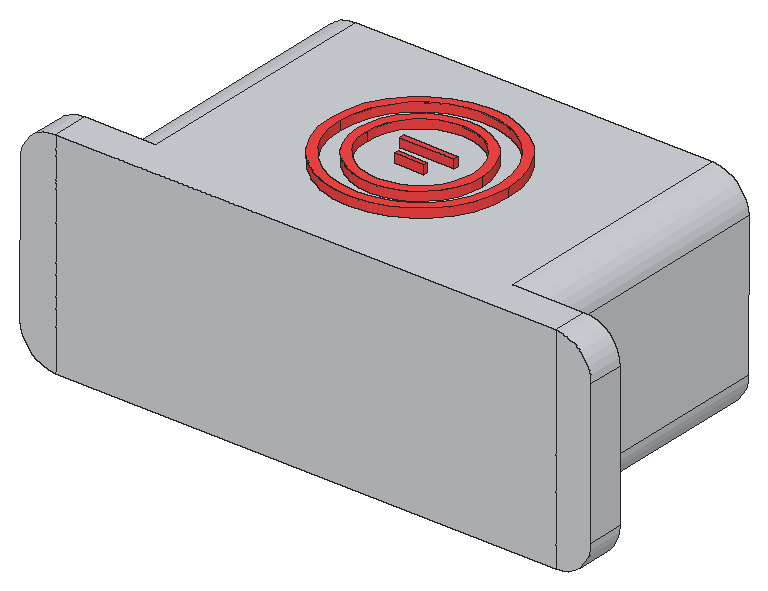
Revit family "C389", category Electrical Equipment, Revit 2025
Family settings
  Panel Configuration = Two Columns, Circuits Across
  Round Connector Dimension = Use Diameter
  Part Type = Panelboard
  Work Plane-Based = Yes
  Always vertical = Yes
  Cut with Voids When Loaded = No
  Maintain Annotation Orientation = No
  Shared = No
  Room Calculation Point = No
Parameters
  Type_Code = "PWR"
  Subsystem [instance] = ""
  Seq_Number [instance] = 0
  Segment [instance] = ""
  SIO_Block_Number [instance] = ""
  PDP [instance] = ""
  MCP [instance] = ""
  IO_Block_Number [instance] = ""
  Detail = "LRPE"
  Default Elevation = 4' - 0"
  Conveyor_Number [instance] = ""
  Conveyor_Elevation_In [instance] = 2' - 6"
  CLR_MOTOR_VOLTAGE [instance] = ""
  CKT [instance] = ""
Reference planes (in)
  plane 1 "Center (Front/Back)": y = 0
  plane 2: z = 0
  plane 3 "Center (Left/Right)": x = 0
  plane 4: y = 4
  plane 5: x = 8
  plane 6: y = -4
  plane 7: x = -8
  plane 8: z = 30
  plane 9: z = 24
  plane 10: z = 30.25
Forms (in)
  Extrusion 1, solid
    sketch origin (0, 0, 0) x (1, 0, 0) y (0, 1, 0)
      loop
        arc (-7, 4) -> (-7.70711, 3.70711) -> (-8, 3) r 1
        line (-8, 3) -> (-8, -3) -> (-8, -4) -> (-7, -4) -> (7, -4) -> (8, -4) -> (8, -3) -> (8, 3)
        arc (8, 3) -> (7.70711, 3.70711) -> (7, 4) r 1
        line (7, 4) -> (-7, 4)
    from 24 to 30
  Extrusion 2, solid, material "power supply"
    sketch origin (0, 0, 0) x (1, 0, 0) y (0, 1, 0)
      loop
        circle (0, 0) r 2.25
      loop
        circle (0, 0) r 2.5
      loop
        circle (0, 0) r 1.75
      loop
        circle (0, 0) r 1.5
      loop
        line (-0.75752, 0.375) -> (-0.75752, 0.25) -> (0.75752, 0.25) -> (0.75752, 0.375) -> (-0.75752, 0.375)
      loop
        line (-0.40386, -0.25) -> (-0.40386, -0.375) -> (0.40386, -0.375) -> (0.40386, -0.25) -> (-0.40386, -0.25)
    from 30 to 30.25
  Extrusion 3, void
    sketch origin (0, 0, 0) x (1, 0, 0) y (0, 0, 1)
      loop
        line (-8, 30) -> (-8, 24) -> (-5, 24)
        arc (-5, 24) -> (-5.70711, 24.29289) -> (-6, 25) r 1
        line (-6, 25) -> (-6, 29)
        arc (-6, 29) -> (-5.70711, 29.70711) -> (-5, 30) r 1
        line (-5, 30) -> (-8, 30)
      loop
        line (8, 30) -> (5, 30)
        arc (5, 30) -> (5.70711, 29.70711) -> (6, 29) r 1
        line (6, 29) -> (6, 25)
        arc (6, 25) -> (5.70711, 24.29289) -> (5, 24) r 1
        line (5, 24) -> (8, 24) -> (8, 30)
    from -5 to 3
  Extrusion 4, void
    sketch origin (0, 0, 0) x (1, 0, 0) y (0, 0, 1)
      loop
        arc (-8, 29) -> (-7.70711, 29.70711) -> (-7, 30) r 1
        line (-7, 30) -> (-8.75, 30) -> (-8.75, 24) -> (-7, 24)
        arc (-7, 24) -> (-7.70711, 24.29289) -> (-8, 25) r 1
        line (-8, 25) -> (-8, 29)
      loop
        arc (8, 25) -> (7.70711, 24.29289) -> (7, 24) r 1
        line (7, 24) -> (9.5, 24) -> (9.5, 30) -> (7, 30)
        arc (7, 30) -> (7.70711, 29.70711) -> (8, 29) r 1
        line (8, 29) -> (8, 25)
    from 0 to 4
Cuts and joins
  Extrusion 3, Extrusion 4 cuts Extrusion 1
Dimensions and locks (in)
  equal spacing: plane 7, plane 3 "Center (Left/Right)", plane 5
  plane 7 to plane 5 = 1' - 4"
  equal spacing: plane 4, plane 1 "Center (Front/Back)", plane 6
  plane 4 to plane 6 = 0' - 8"
  "Conveyor_Elevation_In": plane 8 to level
  equal spacing: Extrusion 2 sketch curve, plane 3 "Center (Left/Right)", Extrusion 2 sketch curve  (x2)
  locked: Extrusion 2 sketch curve to Extrusion 2 sketch curve at 0.125  (x2)
  plane 1 "Center (Front/Back)" to Extrusion 2 sketch curve = 0' - 0 1/4"
  Extrusion 2 sketch curve to plane 1 "Center (Front/Back)" = 0' - 0 1/4"
  locked: plane 8 to plane 9 at 6
  locked: plane 10 to plane 8 at 0.25
  locked: Extrusion 3 sketch curve to plane 7 at 2
  locked: plane 5 to Extrusion 3 sketch curve at 2
  aligned and locked: level to plane 2
  aligned and locked: Extrusion 1 sketch curve to plane 4
  aligned and locked: plane 7 to Extrusion 1 sketch curve
  aligned and locked: plane 6 to Extrusion 1 sketch curve
  aligned and locked: Extrusion 1 sketch curve to plane 5
  aligned and locked: plane 8 to Extrusion 1
  aligned and locked: Extrusion 2 to plane 8
  aligned and locked: Extrusion 1 to plane 9
  aligned and locked: plane 10 to Extrusion 2
Automatic sketch dimensions
  Extrusion 2 sketch curve to Extrusion 2 sketch curve = 0' - 0"  (x6)
  plane 1 "Center (Front/Back)" to Extrusion 2 sketch curve = 0' - 0"
  Extrusion 2 sketch curve to plane 3 "Center (Left/Right)" = 0' - 0"
  Extrusion 2 sketch curve to plane 3 "Center (Left/Right)" = 0' - 0.75752"
  Extrusion 2 sketch curve to plane 3 "Center (Left/Right)" = 0' - 0.40386"
  Extrusion 3 sketch curve to plane 7 = 0' - 0"
  Extrusion 3 sketch curve to plane 9 = 0' - 0"  (x2)
  Extrusion 3 sketch curve to plane 5 = 0' - 0"
  Extrusion 3 sketch curve to Extrusion 3 sketch curve = 0' - 1"  (x4)
  Extrusion 3 sketch curve to plane 8 = 0' - 0"  (x2)
  plane 7 to Extrusion 1 sketch curve = 0' - 1"  (x2)
  Extrusion 1 sketch curve to plane 4 = 0' - 1"
  Extrusion 1 sketch curve to plane 5 = 0' - 1"
  Extrusion 1 sketch curve to Extrusion 1 sketch curve = 0' - 1"  (x2)
  Extrusion 4 sketch curve to plane 8 = 0' - 0"  (x2)
  Extrusion 4 sketch curve to plane 7 = 0' - 0"
  Extrusion 4 sketch curve to plane 9 = 0' - 0"  (x2)
  Extrusion 4 sketch curve to plane 5 = 0' - 0"
  Extrusion 4 sketch curve to plane 7 = 0' - 0 3/4"
  plane 7 to Extrusion 4 sketch curve = 0' - 1"  (x2)
  Extrusion 4 sketch curve to plane 5 = 0' - 1"  (x2)
  plane 5 to Extrusion 4 sketch curve = 0' - 1 1/2"
  radius of Extrusion 2 sketch curve = 0' - 2 1/4"
  radius of Extrusion 2 sketch curve = 0' - 2 1/2"
  radius of Extrusion 2 sketch curve = 0' - 1 3/4"
  radius of Extrusion 2 sketch curve = 0' - 1 1/2"
